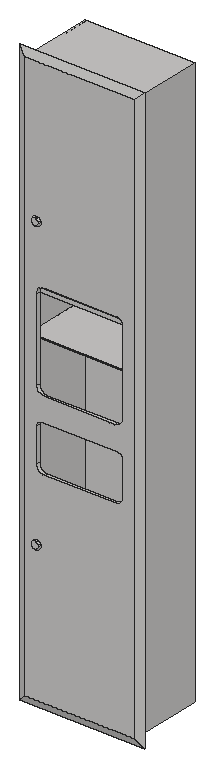
Revit family "Hand Dryer_3 In 1_Metlam_Eclipse_Recessed", category Specialty Equipment, Revit 2016
Family settings
  Part Type = Normal
  Round Connector Dimension = Use Diameter
  OmniClass Number = 23.40.20.21.17
  OmniClass Title = Paper Towel Dispensers, Disposal Units
  Work Plane-Based = No
  Always vertical = Yes
  Cut with Voids When Loaded = Yes
  Shared = No
  Room Calculation Point = Yes
Parameters (values of type "318w x 190d x 1500h (ML_ECLIPSE_3N1REC_D)")
  Voltage = 240 V
  URL = "http://www.metlam.com.au/"
  Type Comments = "3 in 1 Combo Units"  # constant formula
  Model = "ML_ECLIPSE_3N1REC_D"
  Material_ANZRS = z_Metlam_Metal_Stainless Steel_Satin
  Manufacturer_URL__Product Specific = "https://www.metlam.com.au/product/content/hand-dryers/ML_ECLIPSE_3N1REC_D"
  Manufacturer_Spec Code = Model  # "ML_ECLIPSE_3N1REC_D"
  Manufacturer_Overall Width = 318 mm
  Manufacturer_Overall Height = 1500 mm
  Manufacturer_Overall Depth = 190 mm
  Manufacturer_Height From FFL [instance] = 0 mm
  Manufacturer = "Metlam"  # constant formula
  Description = "Paper Towel Dispenser, Hand Dryer & Waste Receptacle Recessed"
  CreatedBy_ANZRS = "IGS BIM Solutions"  # constant formula
  CreatedByURL_ANZRS = "http://www.igsgroup.com.au/"
  Assembly Code = ""
Reference planes
  plane 1 "Back": y = 0
  plane 2 "Ref. Level": z = 0
  plane 3 "Center (Left/Right)": x = 0
  plane 4 "Left": x = -159
  plane 5 "Right": x = 159
  plane 6 "Recessed Flush_Front": y = -182
  plane 7 "Front": y = -190
  plane 8 "Top": z = 1500
  plane 9 "Bottom": z = 0
  plane 10 "Recessed_Top": z = 1481
  plane 11 "Recessed_Bottom": z = 19
  plane 12 "Recessed_Left": x = -140
  plane 13 "Recessed_Right": x = 140
  plane 14 "Upper Oprning_Bottom": z = 720
  plane 15 "Upper Opening_Top": z = 970
  plane 16 "Lower Opening_Top": z = 660
  plane 17 "Inside Back": y = -2
  plane 18 "Lower Opening_Bottom": z = 540
  plane 19 "Hand Dryer_Bottom": z = 845
  plane 20 "Paper Dispenser_Bottom": z = 950
Forms (mm)
  Extrusion 1, solid, material "z_Metlam_Metal_Stainless Steel_Satin" <- "Material_ANZRS"
    sketch origin (0, 0, 1265) x (1, 0, 0) y (0, 0, 1)
      loop
        line (-140, -1246) -> (140, -1246) -> (140, 216) -> (-140, 216) -> (-140, -1246)
      loop
        line (-138, -1244) -> (138, -1244) -> (138, 214) -> (-138, 214) -> (-138, -1244)
    from 0 to 182
  Extrusion 2, solid, material "z_Metlam_Metal_Stainless Steel_Satin" <- "Material_ANZRS"
    sketch origin (0, 0, 0) x (1, 0, 0) y (0, 0, 1)
      loop
        line (-140, 19) -> (140, 19) -> (140, 1481) -> (-140, 1481) -> (-140, 19)
    from 0 to 2
  Blend 3, solid, material "z_Metlam_Metal_Stainless Steel_Satin" <- "Material_ANZRS"
    base sketch origin (0, -182, 0) x (1, 0, 0) y (0, 0, 1)
      loop
        line (-159, 1500) -> (-159, 0) -> (159, 0) -> (159, 1500) -> (-159, 1500)
    top sketch origin (0, -182, 0) x (1, 0, 0) y (0, 0, 1)
      loop
        line (-140, 1481) -> (-140, 19) -> (140, 19) -> (140, 1481) -> (-140, 1481)
    from 0 to 8
  Extrusion 4, void
    sketch origin (0, -190, 0) x (1, 0, 0) y (0, 0, 1)
      loop
        line (90, 970) -> (-90, 970)
        arc (-90, 970) -> (-104.142, 964.142) -> (-110, 950) r 20
        line (-110, 950) -> (-110, 740)
        arc (-110, 740) -> (-104.142, 725.858) -> (-90, 720) r 20
        line (-90, 720) -> (90, 720)
        arc (90, 720) -> (104.142, 725.858) -> (110, 740) r 20
        line (110, 740) -> (110, 950)
        arc (110, 950) -> (104.142, 964.142) -> (90, 970) r 20
    from -8 to 0
  Extrusion 5, void
    sketch origin (0, -190, -290) x (1, 0, 0) y (0, 0, 1)
      loop
        line (98, 950) -> (-98, 950)
        arc (-98, 950) -> (-106.485, 946.485) -> (-110, 938) r 12
        line (-110, 938) -> (-110, 850)
        arc (-110, 850) -> (-104.142, 835.858) -> (-90, 830) r 20
        line (-90, 830) -> (90, 830)
        arc (90, 830) -> (104.142, 835.858) -> (110, 850) r 20
        line (110, 850) -> (110, 938)
        arc (110, 938) -> (106.485, 946.485) -> (98, 950) r 12
    from -8 to 0
  Extrusion 6, solid, material "z_Metlam_Metal_Stainless Steel_Satin" <- "Material_ANZRS"
    sketch origin (0, 0, 950) x (0, -1, 0) y (1, 0, 0)
      loop
        line (182, -138) -> (182, -136) -> (104, -136) -> (104, 136) -> (182, 136) -> (182, 138) -> (102, 138) -> (102, -138) -> (182, -138)
    from 0 to 150
  Extrusion 7, solid, material "z_Metlam_Metal_Stainless Steel_Satin" <- "Material_ANZRS"
    sketch origin (0, 0, 950) x (0, -1, 0) y (1, 0, 0)
      loop
        line (182, -138) -> (182, 138) -> (102, 138) -> (102, -138) -> (182, -138)
      loop
        line (162, -110) -> (162, 110) -> (122, 110) -> (122, -110) -> (162, -110)
    from 0 to 10
  Extrusion 8, solid, material "z_Metlam_Metal_Stainless Steel_Satin" <- "Material_ANZRS"
    sketch origin (0, -190, 0) x (1, 0, 0) y (0, 0, 1)
      loop
        line (-140, 845) -> (140, 845) -> (140, 847) -> (-140, 847) -> (-140, 845)
    from -8 to -188
  Blend 9, solid, material "z_Metlam_Metal_Stainless Steel_Satin" <- "Material_ANZRS", detail levels medium+fine
    base sketch origin (0, -190, 0) x (1, 0, 0) y (0, 0, 1)
      loop
        circle (-111.33, 375.111) r 11
    top sketch origin (0, -190, 0) x (1, 0, 0) y (0, 0, 1)
      loop
        circle (-111.33, 375.111) r 9
    from 0 to 4
  Blend 10, solid, material "z_Metlam_Metal_Stainless Steel_Satin" <- "Material_ANZRS", detail levels medium+fine
    base sketch origin (0, -190, 2000) x (1, 0, 0) y (0, 0, 1)
      loop
        circle (-111.33, -885.111) r 11
    top sketch origin (0, -190, 2000) x (1, 0, 0) y (0, 0, 1)
      loop
        circle (-111.33, -885.111) r 9
    from 0 to 4
  Extrusion 11, void
    sketch origin (0, 0, 0) x (1, 0, 0) y (0, 0, 1)
      loop
        line (-145, 1486) -> (-145, 14) -> (145, 14) -> (145, 1486) -> (-145, 1486)
    from 182 to 0
  Extrusion 12, void
    sketch origin (0, 0, 0) x (1, 0, 0) y (0, 0, 1)
      loop
        circle (125.073, 870.027) r 5
    from 0 to 2
Cuts and joins
  Extrusion 12 cuts Extrusion 1
  Extrusion 12 cuts Extrusion 2
  Extrusion 4, Extrusion 5, Extrusion 12 cuts Blend 3
  Extrusion 12 cuts Extrusion 6
  Extrusion 12 cuts Extrusion 7
  Extrusion 12 cuts Extrusion 8
  joined: Extrusion 1, Extrusion 2, Blend 3, Extrusion 6, Extrusion 7, Extrusion 8
Lines and regions (mm)
  Masking region 1
    outline origin (0, 0, 1500) x (-1, 0, 0) y (0, -1, 0)
      loop
        line (140, 0) -> (140, 182) -> (159, 182) -> (140, 190) -> (-140, 190) -> (-159, 182) -> (-140, 182) -> (-140, 0) -> (140, 0)
  model lines, style "Bathroom Fixtures"
    curve 1: line (-140, -190, 680) -> (140, -190, 680)
  symbolic lines, style "Bathroom Fixtures", detail levels medium+fine
    curve 2: line (-140, -182, 1500) -> (140, -182, 1500)
Text (mm)
  text "> Contact Manufacturer to confirm feasibility of design variations outside the scope of this Revit Family\n\n\n\nDisclaimer:\n\nDue to ongoing product development and manufacturing evolution, product details are subject to change without notice. Please refer to product technical data sheets on the manufacturer’s website for the most current product information. Please allow a +/- 5mm manufacturing tolerance for dimensions and set-outs shown in product literature." at (279.757, 49.41, 0), in view "Ref. Level_Instruction"
Dimensions and locks
  equal spacing: plane 4 "Left", plane 3 "Center (Left/Right)", plane 5 "Right"
  "Manufacturer_Overall Width": plane 4 "Left" to plane 5 "Right"
  "Manufacturer_Overall Depth": plane 7 "Front" to plane 1 "Back"
  "Manufacturer_Overall Height": plane 8 "Top" to plane 9 "Bottom"
  locked: plane 10 "Recessed_Top" to Extrusion 1 sketch curve at 2
  locked: Extrusion 1 sketch curve to plane 11 "Recessed_Bottom" at 2
  locked: plane 8 "Top" to plane 10 "Recessed_Top" at 19
  locked: plane 11 "Recessed_Bottom" to plane 9 "Bottom" at 19
  locked: plane 14 "Upper Oprning_Bottom" to plane 9 "Bottom" at 720
  locked: plane 15 "Upper Opening_Top" to plane 14 "Upper Oprning_Bottom" at 250
  locked: plane 12 "Recessed_Left" to plane 13 "Recessed_Right" at 280
  equal spacing: plane 12 "Recessed_Left", plane 3 "Center (Left/Right)", plane 13 "Recessed_Right"
  locked: plane 17 "Inside Back" to plane 1 "Back" at 2
  locked: plane 7 "Front" to plane 6 "Recessed Flush_Front" at 8
  locked: plane 16 "Lower Opening_Top" to plane 18 "Lower Opening_Bottom" at 120
  locked: plane 14 "Upper Oprning_Bottom" to plane 16 "Lower Opening_Top" at 60
  locked: plane 15 "Upper Opening_Top" to plane 20 "Paper Dispenser_Bottom" at 20
  locked: plane 19 "Hand Dryer_Bottom" to plane 14 "Upper Oprning_Bottom" at 125
  "Manufacturer_Height From FFL": plane 9 "Bottom" to plane 2 "Ref. Level"
  equal spacing: Extrusion 11 sketch curve, plane 3 "Center (Left/Right)", Extrusion 11 sketch curve
  locked: Extrusion 11 sketch curve to Extrusion 11 sketch curve at 290
  locked: Extrusion 11 sketch curve to Extrusion 11 sketch curve at 1472
  locked: plane 9 "Bottom" to Extrusion 11 sketch curve at 14
  locked: plane 19 "Hand Dryer_Bottom" to Extrusion 12 sketch curve at 25.027
  aligned and locked: plane 2 "Ref. Level" to level
  aligned and locked: Extrusion 4 to plane 15 "Upper Opening_Top"
  aligned and locked: plane 14 "Upper Oprning_Bottom" to Extrusion 4
  aligned and locked: Extrusion 4 to plane 7 "Front"
  aligned and locked: Extrusion 4 to plane 6 "Recessed Flush_Front"
  aligned and locked: plane 20 "Paper Dispenser_Bottom" to Extrusion 7
  aligned and locked: plane 19 "Hand Dryer_Bottom" to Extrusion 8
  aligned and locked: Extrusion 8 to plane 17 "Inside Back"
  aligned and locked: plane 6 "Recessed Flush_Front" to Extrusion 8
  aligned and locked: plane 6 "Recessed Flush_Front" to Extrusion 11
  aligned and locked: Extrusion 11 to plane 1 "Back"
Automatic sketch dimensions
  Extrusion 1 sketch curve to plane 10 "Recessed_Top" = 0 mm
  Extrusion 1 sketch curve to plane 12 "Recessed_Left" = 0 mm
  plane 13 "Recessed_Right" to Extrusion 1 sketch curve = 0 mm
  Extrusion 1 sketch curve to plane 11 "Recessed_Bottom" = 0 mm
  plane 12 "Recessed_Left" to Extrusion 1 sketch curve = 2 mm
  plane 13 "Recessed_Right" to Extrusion 1 sketch curve = 2 mm
  Extrusion 2 sketch curve to plane 10 "Recessed_Top" = 0 mm
  Extrusion 2 sketch curve to plane 12 "Recessed_Left" = 0 mm
  Extrusion 2 sketch curve to plane 11 "Recessed_Bottom" = 0 mm
  plane 13 "Recessed_Right" to Extrusion 2 sketch curve = 0 mm
  curve 1 to plane 12 "Recessed_Left" = 0 mm
  plane 13 "Recessed_Right" to curve 1 = 0 mm
  curve 1 to plane 16 "Lower Opening_Top" = 20 mm
  plane 4 "Left" to Blend 3 sketch curve = 0 mm
  plane 5 "Right" to Blend 3 sketch curve = 0 mm
  Blend 3 sketch curve to plane 9 "Bottom" = 0 mm
  Blend 3 sketch curve to plane 8 "Top" = 0 mm
  Blend 3 sketch curve to plane 11 "Recessed_Bottom" = 0 mm
  plane 12 "Recessed_Left" to Blend 3 sketch curve = 0 mm
  plane 13 "Recessed_Right" to Blend 3 sketch curve = 0 mm
  Blend 3 sketch curve to plane 10 "Recessed_Top" = 0 mm
  Extrusion 4 sketch curve to plane 20 "Paper Dispenser_Bottom" = 0 mm  (x2)
  Extrusion 4 sketch curve to plane 15 "Upper Opening_Top" = 0 mm
  Extrusion 4 sketch curve to plane 14 "Upper Oprning_Bottom" = 0 mm
  plane 12 "Recessed_Left" to Extrusion 4 sketch curve = 30 mm
  Extrusion 4 sketch curve to plane 14 "Upper Oprning_Bottom" = 20 mm
  plane 13 "Recessed_Right" to Extrusion 4 sketch curve = 50 mm
  Extrusion 4 sketch curve to Extrusion 4 sketch curve = 20 mm
  Extrusion 5 sketch curve to plane 16 "Lower Opening_Top" = 0 mm
  Extrusion 5 sketch curve to plane 18 "Lower Opening_Bottom" = 0 mm
  plane 12 "Recessed_Left" to Extrusion 5 sketch curve = 30 mm
  Extrusion 5 sketch curve to Extrusion 5 sketch curve = 12 mm
  Extrusion 5 sketch curve to plane 18 "Lower Opening_Bottom" = 20 mm
  plane 13 "Recessed_Right" to Extrusion 5 sketch curve = 50 mm
  plane 16 "Lower Opening_Top" to Extrusion 5 sketch curve = 12 mm
  plane 13 "Recessed_Right" to Extrusion 5 sketch curve = 42 mm
  plane 6 "Recessed Flush_Front" to Extrusion 6 sketch curve = 0 mm  (x2)
  plane 12 "Recessed_Left" to Extrusion 6 sketch curve = 4 mm
  Extrusion 6 sketch curve to Extrusion 6 sketch curve = 78 mm
  Extrusion 6 sketch curve to Extrusion 6 sketch curve = 2 mm  (x2)
  plane 13 "Recessed_Right" to Extrusion 6 sketch curve = 4 mm
  plane 13 "Recessed_Right" to Extrusion 6 sketch curve = 2 mm
  plane 6 "Recessed Flush_Front" to Extrusion 7 sketch curve = 0 mm
  Extrusion 7 sketch curve to plane 6 "Recessed Flush_Front" = 20 mm
  Extrusion 7 sketch curve to Extrusion 7 sketch curve = 40 mm
  plane 13 "Recessed_Right" to Extrusion 7 sketch curve = 2 mm
  Extrusion 7 sketch curve to Extrusion 7 sketch curve = 20 mm
  plane 13 "Recessed_Right" to Extrusion 7 sketch curve = 30 mm
  plane 12 "Recessed_Left" to Extrusion 7 sketch curve = 30 mm
  plane 12 "Recessed_Left" to Extrusion 7 sketch curve = 2 mm
  Extrusion 8 sketch curve to plane 12 "Recessed_Left" = 0 mm
  plane 13 "Recessed_Right" to Extrusion 8 sketch curve = 0 mm
  Extrusion 8 sketch curve to plane 19 "Hand Dryer_Bottom" = 0 mm
  Extrusion 8 sketch curve to Extrusion 8 sketch curve = 2 mm
  plane 12 "Recessed_Left" to Blend 9 sketch curve = 28.67 mm  (x2)
  plane 18 "Lower Opening_Bottom" to Blend 9 sketch curve = 164.889 mm  (x2)
  Blend 10 sketch curve to plane 12 "Recessed_Left" = 28.67 mm  (x2)
  plane 15 "Upper Opening_Top" to Blend 10 sketch curve = 144.889 mm  (x2)
  plane 6 "Recessed Flush_Front" to curve 2 = 0 mm
  curve 2 to plane 13 "Recessed_Right" = 0 mm
  curve 2 to plane 12 "Recessed_Left" = 0 mm
  plane 13 "Recessed_Right" to Extrusion 12 sketch curve = 14.927 mm
  Masking region 1 sketch curve to plane 5 "Right" = 0 mm
  plane 6 "Recessed Flush_Front" to Masking region 1 sketch curve = 0 mm  (x2)
  Masking region 1 sketch curve to plane 13 "Recessed_Right" = 0 mm  (x2)
  plane 7 "Front" to Masking region 1 sketch curve = 0 mm
  plane 1 "Back" to Masking region 1 sketch curve = 0 mm
  Masking region 1 sketch curve to plane 12 "Recessed_Left" = 0 mm  (x2)
  Masking region 1 sketch curve to plane 4 "Left" = 0 mm
  radius of Blend 9 sketch curve = 11 mm
  radius of Blend 9 sketch curve = 9 mm
  radius of Blend 10 sketch curve = 11 mm
  radius of Blend 10 sketch curve = 9 mm
  radius of Extrusion 12 sketch curve = 5 mm
Connectors
  electrical at (125.073, 0, 870.027), driven by "Voltage"
    settings: on cut or joined group of Extrusion 1, Extrusion 2, Blend 3, Extrusion 4, Extrusion 5, Extrusion 6, Extrusion 7, Extrusion 8, Extrusion 12, index 1, voltage 240 V, apparent load 0 VA, apparent load phase1 0 VA, apparent load phase2 0 VA, apparent load phase3 0 VA, power factor 1, load classification "Power", number of poles 1, system type 30, power factor state 1, is connector primary yes, connector utility no, sub classification motor no, connector description "Power"
